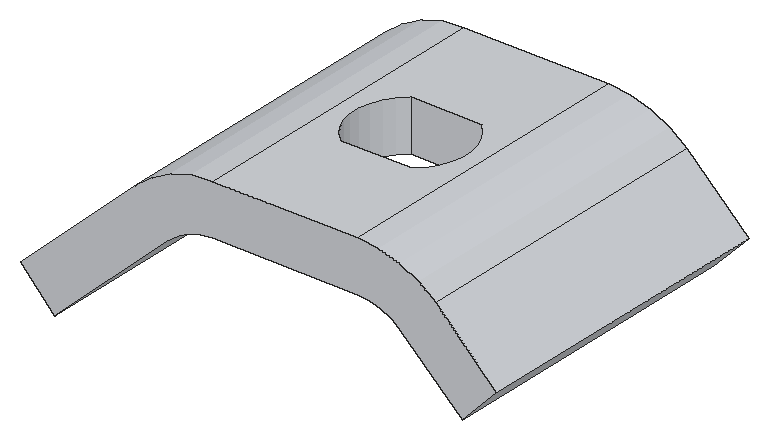
Revit family "Spannklaue", category HLS-Bauteile, Revit 2017
Family settings
  Bemaßung runder Anschluss = Durchmesser verwenden
  Teiletyp = Normal
  Arbeitsebenenbasiert = Ja
  Immer vertikal = Nein
  Beim Laden mit Abzugskörper schneiden = Nein
  Gemeinsam genutzt = Ja
  Raumberechnungspunkt = Nein
Parameters (values of type "Spannklaue M12")
  max. zul. Last = 8.20 kN
  für Gewinde = "M12"
  Default Elevation = 1219.2 mm
  Stärke = 8 mm
  Regelhalter [instance] = ""
  Profiltyp = "45"
  Profil = "C-Profil"
  Oberflaeche = "galvanisch verzinkt"
  Material = "Stahl"
  Länge = 74 mm
  Lochdurchmesser = ""
  Langloch = "14 x 18 mm"
  L = 73.3 mm  # constant formula
  Kurztext2 = "für Gewindestift M12"
  Kurztext1 = "Spannklaue C-Profil 45"
  Klemmdicke = ""
  Höhe Profil = 0 mm
  Höhe = "28 mm"
  Gewindestifttyp = ""
  Gewicht pro Bauteil = Gewicht  # 0.246 kg
  Gewicht = 0.246 kg
  Firma = "MEFA Befestigungs- und Montagesysteme GmbH"
  Fabrikat = "MEFA"
  EAN = "4250928420350"
  D = 18 mm
  Breite = 50 mm
  B1 = 14 mm
  B = 50 mm
  Artikelnummer = "0816515"
Types (4, lengths in mm): name | max. zul. Last | für Gewinde | Profiltyp | Lochdurchmesser | Langloch | Kurztext2 | Kurztext1 | Gewicht pro Bauteil | Gewicht | EAN | D | Breite | B1 | B | Artikelnummer
  (no name) | 8.20 kN | "M12" | "45" | "" | "14 x 18 mm" | "für Gewindestift M12" | "Spannklaue C-Profil 45" | 0.246 kg | 0.246 kg | "4250928420350" | 18 | 50 | 14 | 50 | "0816515"
  Spannklaue M10 | 6.70 kN | "M10" | "35" | "" | "12 x 18 mm" | "für Gewindestift M10" | "Spannklaue C-Profil 35" | 0.17 kg | 0.17 kg | "4250928420060" | 18 | 35 | 12 | 35 | "0814591"
  Spannklaue M12 | 8.20 kN | "M12" | "45" | "" | "14 x 18 mm" | "für Gewindestift M12" | "Spannklaue C-Profil 45" | 0.246 kg | 0.246 kg | "4250928420350" | 18 | 50 | 14 | 50 | "0816515"
  Spannklaue M16 | 11.90 kN | "M16" | "45" | "18 mm" | "" | "für Gewindestift M16" | "Spannklaue C-Profil 45" | 0.243 kg | 0.243 kg | "4250928420664" | 18.5 | 50 | 18 | 50 | "0819519"
Reference planes
  plane 1 "Mitte (Vorne/hinten)": y = 0
  plane 2: z = 0
  plane 3 "Mitte (Links/rechts)": x = 0
  plane 4: x = 36.65
  plane 5: x = -36.65
  plane 6: x = 15.5
  plane 7: x = -15.5
  plane 8: z = 20
  plane 9: y = 7
  plane 10: y = -7
  plane 11: z = 8
Forms (mm)
  Sweep 1, solid
    path origin (0, 0, 0) x (1, 0, 0) y (0, 0, 1)
      loop
        line (28.19, 8) -> (18.391, 17.266)
        arc (18.391, 17.266) -> (15.218, 19.291) -> (11.521, 20) r 10
        line (11.521, 20) -> (-11.521, 20)
        arc (-11.521, 20) -> (-15.218, 19.291) -> (-18.391, 17.266) r 10
        line (-18.391, 17.266) -> (-36.65, 0)
    profile origin (0, 0, 20) x (0, 0, -1) y (0, -1, 0)
      loop
        line (0, 0) -> (0, 25) -> (-8.038, 25) -> (-8.038, -25) -> (0, -25) -> (0, 0)
  Extrusion 2, void
    sketch origin (0, 0, 0) x (1, 0, 0) y (0, 1, 0)
      loop
        arc (-5.657, 7) -> (-9, 0) -> (-5.657, -7) r 9
        line (-5.657, -7) -> (5.657, -7)
        arc (5.657, -7) -> (9, 0) -> (5.657, 7) r 9
        line (5.657, 7) -> (-5.657, 7)
    from 0 to 50
Cuts and joins
  Extrusion 2 cuts Sweep 1
Dimensions and locks
  equal spacing: Sweep 1 sketch curve, profile plane, Sweep 1 sketch curve
  "B": Sweep 1 sketch curve to Sweep 1 sketch curve
  Sweep 1 to Sweep 1 = 8.038 mm
  equal spacing: plane 10, plane 1 "Mitte (Vorne/hinten)", plane 9
  "B1": plane 10 to plane 9
  equal spacing: plane 5, plane 3 "Mitte (Links/rechts)", plane 4
  "L": plane 5 to plane 4
  equal spacing: Extrusion 2 sketch curve, plane 3 "Mitte (Links/rechts)", Extrusion 2 sketch curve  (x2)
  level to plane 8 = 20 mm
  "D": diameter of Extrusion 2 sketch curve
  aligned and locked: level to plane 2
  aligned and locked: Extrusion 2 sketch curve to plane 9
  aligned and locked: plane 10 to Extrusion 2 sketch curve
  aligned and locked: plane 9 to Extrusion 2 sketch curve
  aligned and locked: Extrusion 2 sketch curve to Extrusion 2 sketch curve
  aligned and locked: plane 5 to Sweep 1 sketch curve
Automatic sketch dimensions
  Sweep 1 sketch curve to plane 8 = 0 mm
  Sweep 1 sketch curve to plane 11 = 0 mm
  Sweep 1 sketch curve to level = 0 mm
  Sweep 1 sketch curve to plane 7 = 2.891 mm
  plane 11 to Sweep 1 sketch curve = 2 mm  (x2)
  plane 7 to Sweep 1 sketch curve = 3.979 mm
  plane 6 to Sweep 1 sketch curve = 3.979 mm
  Sweep 1 sketch curve to plane 6 = 2.891 mm
  plane 4 to Sweep 1 sketch curve = 8.46 mm
  Sweep 1 sketch curve to plane 1 "Mitte (Vorne/hinten)" = 0 mm
  Sweep 1 sketch curve to profile plane = 0 mm
  profile plane to Sweep 1 sketch curve = 8.038 mm
  Extrusion 2 sketch curve to Extrusion 2 sketch curve = 0 mm
  plane 1 "Mitte (Vorne/hinten)" to Extrusion 2 sketch curve = 0 mm
  Extrusion 2 sketch curve to plane 3 "Mitte (Links/rechts)" = 0 mm
